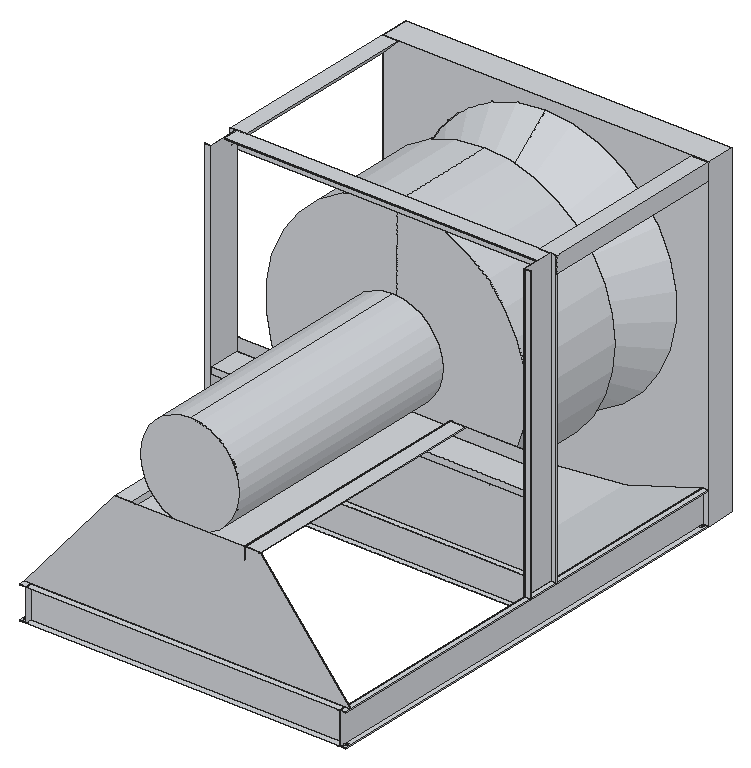
Revit family "PLCD", category Mechanical Equipment, Revit 2019
Family settings
  Round Connector Dimension = Use Diameter
  Part Type = Normal
  Work Plane-Based = No
  Always vertical = Yes
  Cut with Voids When Loaded = No
  Shared = No
  Room Calculation Point = No
Parameters (values of type "730_PLCD")
  Unit Weight [instance] = ""
  UNIT_SIZE = 730
  Sones [instance] = ""
  PERCENT_WIDE = 100
  PERCENT_A = UNIT_SIZE * 0.03615 * ((100 - PERCENT_WIDE) / 100)  # 0
  Motor RPM [instance] = ""
  Motor Enclosure [instance] = ""
  ModelID [instance] = ""
  MOTOR_RADIUS+2" = MOTOR_RADIUS + 0' 2"  # 1' - 4"
  MOTOR_RADIUS+1.5" = MOTOR_RADIUS + 0' 2"  # 1' - 4"
  MOTOR_RADIUS = 1' - 2"
  LwA [instance] = ""
  L-.125" = L - 0' 0 1/8"  # 0' - 8"
  L+K+.125" = L + FORMULA2_K + 0' 0 1/8"  # 5' - 1 13/16"
  L+K = L + FORMULA2_K  # 5' - 1 11/16"
  L = 0' - 8 1/8"
  K = 4' - 5 9/16"
  J-2" = -(J - 0' 2" - H - H)  # -5' - 11 5/8"
  J = 6' - 3 3/8"
  INLET_RAD = B / 10 * 4  # 3' - 0.8"
  INLET_DEPTH = (K / 2) * 0.8  # 1' - 9.425"
  H = 0' - 0 7/8"
  Fan RPM [instance] = ""
  FORMULA_K = 0' 1" * (PERCENT_A)  # 0' - 0"
  FORMULA_A = 0' 1" * (PERCENT_A)  # 0' - 0"
  FORMULA2_K = K - FORMULA_K  # 4' - 5 9/16"
  FORMULA2_A = A - FORMULA_A  # 11' - 3 7/8"
  F/2 = F / 2  # 0' - 0 17/32"
  F = 0' - 1 1/16"
  E/2 = E / 2  # 0' - 4 39/64"
  E = 0' - 9 7/32"
  D-MOTOR_RADIUS-2" = D - MOTOR_RADIUS - 0' 2"  # 3' - 0 1/4"
  D = 4' - 4 1/4"
  C/2 = C / 2  # 3' - 10"
  Accessories [instance] = ""
  A-K-L-.125"-H-H = FORMULA2_A - FORMULA2_K - L - 0' 0 1/8" - H - H  # 6' - 0 5/16"
  45 = 50.00°  # constant formula
  1.125" = 0' - 1 1/8"  # constant formula
  -(C - H - H - H - H) / 2 = -(C - H - H - H - H) / 2  # -3' - 8 1/4"
  (E/2)-.125" = (E / 2) - 0' 0 1/8"  # 0' - 4 31/64"
  (C-H-H-H-H)/2 = (C - H - H - H - H) / 2  # 3' - 8 1/4"
  C = 7' - 8"
  B/2 = B / 2  # 3' - 10"
  B-E = B - E  # 6' - 10 25/32"
  B = 7' - 8"
  A-L = FORMULA2_A - L  # 10' - 7 3/4"
  A = 11' - 3 7/8"
  3" = 0' - 3"  # constant formula
  Brake Hp [instance] = ""
  4" = 0' - 4"  # constant formula
  2H = H + H  # 0' - 1 3/4"
  2' = 2' - 0"
  2" = 0' - 2"  # constant formula
  1" = 0' - 1"  # constant formula
  0 = 0' - 0"  # constant formula
  Voltage [instance] = 0 V
  URL = "www.lorencook.com"
  Type Comments = "Centrifugal Plenum Fan Direct Drive Arr 4 Class 1-3"  # constant formula
  Static Pressure [instance] = 0.00 in-wg
  Power [instance] = Voltage * Motor FLA * sqrt(if(Phase = 3, 3, 1))  # 0 VA
  Phase [instance] = 0
  Number of Poles [instance] = 1
  Motor Hp [instance] = "0"
  Motor FLA [instance] = 0 A
  Model = "PLCD"  # constant formula
  Manufacturer = "Loren Cook Company"
  CFM [instance] = 0 CFM
  1.5 = 0' - 1 1/2"  # constant formula
  ONE EIGTH = 0' - 0 1/8"  # constant formula
Types (21): name | UNIT_SIZE | MOTOR_RADIUS+2" | MOTOR_RADIUS+1.5" | MOTOR_RADIUS | L-.125" | L+K+.125" | L+K | L | K | J-2" | J | INLET_RAD | INLET_DEPTH | H | FORMULA2_K | FORMULA2_A | F/2 | F | E/2 | E | D-MOTOR_RADIUS-2" | D | C/2 | A-K-L-.125"-H-H | -(C - H - H - H - H) / 2 | (E/2)-.125" | (C-H-H-H-H)/2 | C | B/2 | B-E | B | A-L | A | 2H
  (no name) | 730 | 1' - 4" | 1' - 4" | 1' - 2" | 0' - 8" | 5' - 1 13/16" | 5' - 1 11/16" | 0' - 8 1/8" | 4' - 5 9/16" | -5' - 11 5/8" | 6' - 3 3/8" | 3' - 0.8" | 1' - 9.425" | 0' - 0 7/8" | 4' - 5 9/16" | 11' - 3 7/8" | 0' - 0 17/32" | 0' - 1 1/16" | 0' - 4 39/64" | 0' - 9 7/32" | 3' - 0 1/4" | 4' - 4 1/4" | 3' - 10" | 6' - 0 5/16" | -3' - 8 1/4" | 0' - 4 31/64" | 3' - 8 1/4" | 7' - 8" | 3' - 10" | 6' - 10 25/32" | 7' - 8" | 10' - 7 3/4" | 11' - 3 7/8" | 0' - 1 3/4"
  120_PLCD | 120 | 0' - 5" | 0' - 5" | 0' - 3" | 0' - 1 11/16" | 0' - 11 3/8" | 0' - 11 1/4" | 0' - 1 13/16" | 0' - 9 7/16" | -1' - 0 13/16" | 1' - 4 1/4" | 0' - 6.9" | 0' - 3.775" | 0' - 0 23/32" | 0' - 9 7/16" | 2' - 2 5/16" | 0' - 0 5/16" | 0' - 0 5/8" | 0' - 1 15/32" | 0' - 2 15/16" | 0' - 3 5/8" | 0' - 8 5/8" | 0' - 8 5/8" | 1' - 1 1/2" | -0' - 7 3/16" | 0' - 1 11/32" | 0' - 7 3/16" | 1' - 5 1/4" | 0' - 8 5/8" | 1' - 2 5/16" | 1' - 5 1/4" | 2' - 0 1/2" | 2' - 2 5/16" | 0' - 1 7/16"
  135_PLCD | 135 | 0' - 4" | 0' - 4" | 0' - 2" | 0' - 1 15/16" | 1' - 0 11/16" | 1' - 0 9/16" | 0' - 2 1/16" | 0' - 10 1/2" | -1' - 0 5/16" | 1' - 3 3/4" | 0' - 7.8" | 0' - 4.2" | 0' - 0 23/32" | 0' - 10 1/2" | 2' - 3 5/32" | 0' - 0 5/16" | 0' - 0 5/8" | 0' - 1 19/32" | 0' - 3 3/16" | 0' - 5 3/4" | 0' - 9 3/4" | 0' - 9 3/4" | 1' - 1 1/32" | -0' - 8 5/16" | 0' - 1 15/32" | 0' - 8 5/16" | 1' - 7 1/2" | 0' - 9 3/4" | 1' - 4 5/16" | 1' - 7 1/2" | 2' - 1 3/32" | 2' - 3 5/32" | 0' - 1 7/16"
  150_PLCD | 150 | 0' - 5 1/2" | 0' - 5 1/2" | 0' - 3 1/2" | 0' - 1 15/16" | 1' - 1 5/8" | 1' - 1 1/2" | 0' - 2 1/16" | 0' - 11 7/16" | -1' - 2 1/16" | 1' - 5 1/2" | 0' - 8.6" | 0' - 4.575" | 0' - 0 23/32" | 0' - 11 7/16" | 2' - 5 27/32" | 0' - 0 5/16" | 0' - 0 5/8" | 0' - 1 19/32" | 0' - 3 3/16" | 0' - 5 1/4" | 0' - 10 3/4" | 0' - 10 3/4" | 1' - 2 25/32" | -0' - 9 5/16" | 0' - 1 15/32" | 0' - 9 5/16" | 1' - 9 1/2" | 0' - 10 3/4" | 1' - 6 5/16" | 1' - 9 1/2" | 2' - 3 25/32" | 2' - 5 27/32" | 0' - 1 7/16"
  165_PLCD | 165 | 0' - 6" | 0' - 6" | 0' - 4" | 0' - 1 15/16" | 1' - 2 13/16" | 1' - 2 11/16" | 0' - 2 1/16" | 1' - 0 5/8" | -1' - 3 7/16" | 1' - 6 7/8" | 0' - 9 1/2" | 0' - 5.05" | 0' - 0 23/32" | 1' - 0 5/8" | 2' - 8 7/16" | 0' - 0 5/16" | 0' - 0 5/8" | 0' - 1 19/32" | 0' - 3 3/16" | 0' - 5 7/8" | 0' - 11 7/8" | 0' - 11 7/8" | 1' - 4 3/16" | -0' - 10 7/16" | 0' - 1 15/32" | 0' - 10 7/16" | 1' - 11 3/4" | 0' - 11 7/8" | 1' - 8 9/16" | 1' - 11 3/4" | 2' - 6 3/8" | 2' - 8 7/16" | 0' - 1 7/16"
  180_PLCD | 180 | 0' - 6" | 0' - 6" | 0' - 4" | 0' - 2 15/16" | 1' - 4 15/16" | 1' - 4 13/16" | 0' - 3 1/16" | 1' - 1 3/4" | -1' - 3 7/16" | 1' - 6 7/8" | 0' - 10.3" | 0' - 5 1/2" | 0' - 0 23/32" | 1' - 1 3/4" | 2' - 10 17/32" | 0' - 0 5/16" | 0' - 0 5/8" | 0' - 2 3/32" | 0' - 4 3/16" | 0' - 6 7/8" | 1' - 0 7/8" | 1' - 0 7/8" | 1' - 4 5/32" | -0' - 11 7/16" | 0' - 1 31/32" | 0' - 11 7/16" | 2' - 1 3/4" | 1' - 0 7/8" | 1' - 9 9/16" | 2' - 1 3/4" | 2' - 7 15/32" | 2' - 10 17/32" | 0' - 1 7/16"
  195_PLCD | 195 | 0' - 6" | 0' - 6" | 0' - 4" | 0' - 2 15/16" | 1' - 6 1/16" | 1' - 5 15/16" | 0' - 3 1/16" | 1' - 2 7/8" | -1' - 3 7/16" | 1' - 6 7/8" | 0' - 11.2" | 0' - 5.95" | 0' - 0 23/32" | 1' - 2 7/8" | 2' - 11 21/32" | 0' - 0 5/16" | 0' - 0 5/8" | 0' - 2 3/32" | 0' - 4 3/16" | 0' - 8" | 1' - 2" | 1' - 2" | 1' - 4 5/32" | -1' - 0 9/16" | 0' - 1 31/32" | 1' - 0 9/16" | 2' - 4" | 1' - 2" | 1' - 11 13/16" | 2' - 4" | 2' - 8 19/32" | 2' - 11 21/32" | 0' - 1 7/16"
  210_PLCD | 210 | 0' - 7 51/256" | 0' - 7 51/256" | 0' - 5 51/256" | 0' - 2 15/16" | 1' - 7 1/8" | 1' - 7" | 0' - 3 1/16" | 1' - 3 15/16" | -1' - 7 1/16" | 1' - 10 1/2" | 1' - 0" | 0' - 6 3/8" | 0' - 0 23/32" | 1' - 3 15/16" | 3' - 4 3/8" | 0' - 0 5/16" | 0' - 0 5/8" | 0' - 2 3/32" | 0' - 4 3/16" | 0' - 7 205/256" | 1' - 3" | 1' - 3" | 1' - 7 13/16" | -1' - 1 9/16" | 0' - 1 31/32" | 1' - 1 9/16" | 2' - 6" | 1' - 3" | 2' - 1 13/16" | 2' - 6" | 3' - 1 5/16" | 3' - 4 3/8" | 0' - 1 7/16"
  225_PLCD | 225 | 0' - 7 51/256" | 0' - 7 51/256" | 0' - 5 51/256" | 0' - 2 15/16" | 1' - 8 1/8" | 1' - 8" | 0' - 3 1/16" | 1' - 4 15/16" | -1' - 7 1/16" | 1' - 10 1/2" | 1' - 0.9" | 0' - 6.775" | 0' - 0 23/32" | 1' - 4 15/16" | 3' - 5 3/8" | 0' - 0 5/16" | 0' - 0 5/8" | 0' - 2 3/32" | 0' - 4 3/16" | 0' - 8 237/256" | 1' - 4 1/8" | 1' - 4 1/8" | 1' - 7 13/16" | -1' - 2 11/16" | 0' - 1 31/32" | 1' - 2 11/16" | 2' - 8 1/4" | 1' - 4 1/8" | 2' - 4 1/16" | 2' - 8 1/4" | 3' - 2 5/16" | 3' - 5 3/8" | 0' - 1 7/16"
  245_PLCD | 245 | 0' - 8 77/256" | 0' - 8 77/256" | 0' - 6 77/256" | 0' - 2 15/16" | 1' - 9 9/16" | 1' - 9 7/16" | 0' - 3 1/16" | 1' - 6 3/8" | -2' - 0 5/16" | 2' - 3 3/4" | 1' - 2" | 0' - 7.35" | 0' - 0 23/32" | 1' - 6 3/8" | 4' - 0 1/8" | 0' - 0 5/16" | 0' - 0 5/8" | 0' - 2 3/32" | 0' - 4 3/16" | 0' - 9 51/256" | 1' - 5 1/2" | 1' - 5 1/2" | 2' - 1 1/8" | -1' - 4 1/16" | 0' - 1 31/32" | 1' - 4 1/16" | 2' - 11" | 1' - 5 1/2" | 2' - 6 13/16" | 2' - 11" | 3' - 9 1/16" | 4' - 0 1/8" | 0' - 1 7/16"
  270_PLCD | 270 | 0' - 8 77/256" | 0' - 8 77/256" | 0' - 6 77/256" | 0' - 3 7/16" | 2' - 0" | 1' - 11 7/8" | 0' - 3 9/16" | 1' - 8 5/16" | -2' - 3 3/16" | 2' - 6 5/8" | 1' - 3 1/2" | 0' - 8 1/8" | 0' - 0 23/32" | 1' - 8 5/16" | 4' - 5 5/16" | 0' - 0 5/16" | 0' - 0 5/8" | 0' - 2 11/32" | 0' - 4 11/16" | 0' - 11 19/256" | 1' - 7 3/8" | 1' - 7 3/8" | 2' - 3 7/8" | -1' - 5 15/16" | 0' - 2 7/32" | 1' - 5 15/16" | 3' - 2 3/4" | 1' - 7 3/8" | 2' - 10 1/16" | 3' - 2 3/4" | 4' - 1 3/4" | 4' - 5 5/16" | 0' - 1 7/16"
  300_PLCD | 300 | 0' - 9 205/256" | 0' - 9 205/256" | 0' - 7 205/256" | 0' - 3 7/16" | 2' - 2 1/16" | 2' - 1 15/16" | 0' - 3 9/16" | 1' - 10 3/8" | -2' - 6 3/16" | 2' - 9 5/8" | 1' - 5.2" | 0' - 8.95" | 0' - 0 23/32" | 1' - 10 3/8" | 4' - 10 13/32" | 0' - 0 5/16" | 0' - 0 5/8" | 0' - 2 11/32" | 0' - 4 11/16" | 0' - 11 179/256" | 1' - 9 1/2" | 1' - 9 1/2" | 2' - 6 29/32" | -1' - 8 1/16" | 0' - 2 7/32" | 1' - 8 1/16" | 3' - 7" | 1' - 9 1/2" | 3' - 2 5/16" | 3' - 7" | 4' - 6 27/32" | 4' - 10 13/32" | 0' - 1 7/16"
  330_PLCD | 330 | 0' - 9 205/256" | 0' - 9 205/256" | 0' - 7 205/256" | 0' - 4 7/16" | 2' - 5 5/16" | 2' - 5 3/16" | 0' - 4 9/16" | 2' - 0 5/8" | -2' - 6 5/16" | 2' - 9 7/8" | 1' - 7.8" | 0' - 9.85" | 0' - 0 25/32" | 2' - 0 5/8" | 5' - 1 27/32" | 0' - 0 15/32" | 0' - 0 15/16" | 0' - 2 27/32" | 0' - 5 11/16" | 1' - 1 211/256" | 1' - 11 5/8" | 1' - 11" | 2' - 6 31/32" | -1' - 9 7/16" | 0' - 2 23/32" | 1' - 9 7/16" | 3' - 10" | 2' - 0 3/4" | 3' - 7 13/16" | 4' - 1 1/2" | 4' - 9 9/32" | 5' - 1 27/32" | 0' - 1 9/16"
  365_PLCD | 365 | 1' - 0 179/256" | 1' - 0 179/256" | 0' - 10 179/256" | 0' - 4 7/16" | 2' - 7 11/16" | 2' - 7 9/16" | 0' - 4 9/16" | 2' - 3" | -3' - 2 7/16" | 3' - 6 1/8" | 1' - 9.4" | 0' - 10.8" | 0' - 0 27/32" | 2' - 3" | 6' - 0 19/32" | 0' - 0 15/32" | 0' - 0 15/16" | 0' - 2 27/32" | 0' - 5 11/16" | 1' - 1 109/256" | 2' - 2 1/8" | 2' - 0 1/2" | 3' - 3 7/32" | -1' - 10 13/16" | 0' - 2 23/32" | 1' - 10 13/16" | 4' - 1" | 2' - 2 3/4" | 3' - 11 13/16" | 4' - 5 1/2" | 5' - 8 1/32" | 6' - 0 19/32" | 0' - 1 11/16"
  402_PLCD | 402 | 1' - 0 179/256" | 1' - 0 179/256" | 0' - 10 179/256" | 0' - 5" | 2' - 11 1/8" | 2' - 11" | 0' - 5 1/8" | 2' - 5 7/8" | -3' - 2 7/16" | 3' - 6 1/8" | 2' - 0" | 0' - 11.95" | 0' - 0 27/32" | 2' - 5 7/8" | 6' - 4" | 0' - 0 15/32" | 0' - 0 15/16" | 0' - 3 3/32" | 0' - 6 3/16" | 1' - 4 13/256" | 2' - 4 3/4" | 2' - 3" | 3' - 3 3/16" | -2' - 1 5/16" | 0' - 2 31/32" | 2' - 1 5/16" | 4' - 6" | 2' - 6" | 4' - 5 13/16" | 5' - 0" | 5' - 10 7/8" | 6' - 4" | 0' - 1 11/16"
  445_PLCD | 445 | 1' - 0 179/256" | 1' - 0 179/256" | 0' - 10 179/256" | 0' - 6" | 3' - 3 1/8" | 3' - 3" | 0' - 6 1/8" | 2' - 8 7/8" | -3' - 2 7/16" | 3' - 6 1/8" | 2' - 1.6" | 1' - 1.15" | 0' - 0 27/32" | 2' - 8 7/8" | 6' - 7 31/32" | 0' - 0 15/32" | 0' - 0 15/16" | 0' - 3 19/32" | 0' - 7 3/16" | 1' - 7 45/256" | 2' - 7 7/8" | 2' - 5 1/4" | 3' - 3 5/32" | -2' - 3 9/16" | 0' - 3 15/32" | 2' - 3 9/16" | 4' - 10 1/2" | 2' - 8" | 4' - 8 13/16" | 5' - 4" | 6' - 1 27/32" | 6' - 7 31/32" | 0' - 1 11/16"
  490_PLCD | 490 | 1' - 2" | 1' - 2" | 1' - 0" | 0' - 6 7/16" | 3' - 6 13/16" | 3' - 6 11/16" | 0' - 6 9/16" | 3' - 0 1/8" | -3' - 8 1/8" | 4' - 0 1/8" | 2' - 4" | 1' - 2.45" | 0' - 1" | 3' - 0 1/8" | 7' - 5 11/16" | 0' - 0 15/32" | 0' - 0 15/16" | 0' - 3 27/32" | 0' - 7 11/16" | 1' - 9" | 2' - 11" | 2' - 7 1/2" | 3' - 8 7/8" | -2' - 5 1/2" | 0' - 3 23/32" | 2' - 5 1/2" | 5' - 3" | 2' - 11" | 5' - 2 5/16" | 5' - 10" | 6' - 11 1/8" | 7' - 5 11/16" | 0' - 2"
  540_PLCD | 540 | 1' - 2" | 1' - 2" | 1' - 0" | 0' - 6 1/2" | 3' - 10 1/2" | 3' - 10 3/8" | 0' - 6 5/8" | 3' - 3 3/4" | -3' - 8 1/8" | 4' - 0 1/8" | 2' - 6" | 1' - 3.9" | 0' - 1" | 3' - 3 3/4" | 7' - 9 3/8" | 0' - 0 17/32" | 0' - 1 1/16" | 0' - 3 55/64" | 0' - 7 23/32" | 2' - 0 5/8" | 3' - 2 5/8" | 2' - 10 1/2" | 3' - 8 7/8" | -2' - 8 1/2" | 0' - 3 47/64" | 2' - 8 1/2" | 5' - 9" | 3' - 1 1/2" | 5' - 7 9/32" | 6' - 3" | 7' - 2 3/4" | 7' - 9 3/8" | 0' - 2"
  600_PLCD | 600 | 1' - 2" | 1' - 2" | 1' - 0" | 0' - 7" | 4' - 3 3/8" | 4' - 3 1/4" | 0' - 7 1/8" | 3' - 8 1/8" | -3' - 8 1/8" | 4' - 0 1/8" | 2' - 8.8" | 1' - 5.65" | 0' - 1" | 3' - 8 1/8" | 8' - 2 1/4" | 0' - 0 17/32" | 0' - 1 1/16" | 0' - 4 7/64" | 0' - 8 7/32" | 2' - 4 7/8" | 3' - 6 7/8" | 3' - 1 1/2" | 3' - 8 7/8" | -2' - 11 1/2" | 0' - 3 63/64" | 2' - 11 1/2" | 6' - 3" | 3' - 5" | 6' - 1 25/32" | 6' - 10" | 7' - 7 1/8" | 8' - 2 1/4" | 0' - 2"
  660_PLCD | 660 | 1' - 2" | 1' - 2" | 1' - 0" | 0' - 8" | 4' - 8 13/16" | 4' - 8 11/16" | 0' - 8 1/8" | 4' - 0 9/16" | -3' - 9 1/8" | 4' - 0 7/8" | 3' - 0" | 1' - 7.425" | 0' - 0 7/8" | 4' - 0 9/16" | 8' - 8 3/8" | 0' - 0 17/32" | 0' - 1 1/16" | 0' - 4 39/64" | 0' - 9 7/32" | 2' - 9 1/4" | 3' - 11 1/4" | 3' - 5" | 3' - 9 13/16" | -3' - 3 1/4" | 0' - 4 31/64" | 3' - 3 1/4" | 6' - 10" | 3' - 9" | 6' - 8 25/32" | 7' - 6" | 8' - 0 1/4" | 8' - 8 3/8" | 0' - 1 3/4"
  730_PLCD | 730 | 1' - 4" | 1' - 4" | 1' - 2" | 0' - 8" | 5' - 1 13/16" | 5' - 1 11/16" | 0' - 8 1/8" | 4' - 5 9/16" | -5' - 11 5/8" | 6' - 3 3/8" | 3' - 0.8" | 1' - 9.425" | 0' - 0 7/8" | 4' - 5 9/16" | 11' - 3 7/8" | 0' - 0 17/32" | 0' - 1 1/16" | 0' - 4 39/64" | 0' - 9 7/32" | 3' - 0 1/4" | 4' - 4 1/4" | 3' - 10" | 6' - 0 5/16" | -3' - 8 1/4" | 0' - 4 31/64" | 3' - 8 1/4" | 7' - 8" | 3' - 10" | 6' - 10 25/32" | 7' - 8" | 10' - 7 3/4" | 11' - 3 7/8" | 0' - 1 3/4"
Reference planes (in)
  plane 1 "Center (Front/Back)": y = 0
  plane 2: z = 0
  plane 3 "Center (Left/Right)": x = 0.40541
Forms (in)
  Extrusion 1, solid
    sketch origin (0, 0, 0) x (1, 0, 0) y (0, 0, 1)
      loop
        line (-45.59459, 92) -> (-45.59459, 0) -> (46.40541, 0) -> (46.40541, 92) -> (-45.59459, 92)
      loop
        circle (0.40541, 52.25) r 36.8
    from 0 to 8.125 <- "L"
  Extrusion 2, void
    sketch origin (0, 0, 0) x (1, 0, 0) y (0, 0, 1)
      loop
        line (-45.46959, 91.875) -> (-45.46959, 0.125) -> (46.28041, 0.125) -> (46.28041, 91.875) -> (-45.46959, 91.875)
    from 0 to 8 <- "L-.125""
  Extrusion 3, solid
    sketch origin (0, -8.125, 0) x (1, 0, 0) y (0, 0, 1)
      loop
        line (-45.59459, 9.21875) -> (-45.59459, 9.09375) -> (-43.96959, 9.09375) -> (-43.96959, 0.125) -> (-45.59459, 0.125) -> (-45.59459, 0) -> (-43.84459, 0) -> (-43.84459, 9.21875) -> (-45.59459, 9.21875)
      loop
        line (46.40541, 9.21875) -> (44.65541, 9.21875) -> (44.65541, 0) -> (46.40541, 0) -> (46.40541, 0.125) -> (44.78041, 0.125) -> (44.78041, 9.09375) -> (46.40541, 9.09375) -> (46.40541, 9.21875)
    from 0 to 127.75 <- "A-L"
  Extrusion 4, solid
    sketch origin (0, -8.125, 0) x (1, 0, 0) y (0, 0, 1)
      loop
        line (-45.59459, 87.39062) -> (-40.98521, 92) -> (-45.59459, 92) -> (-45.59459, 87.39062)
      loop
        line (41.79604, 92) -> (46.40541, 87.39062) -> (46.40541, 92) -> (41.79604, 92)
    from 0 to 53.5625 <- "FORMULA2_K"
  Extrusion 5, solid
    sketch origin (0, 0, 0) x (1, 0, 0) y (0, 1, 0)
      loop
        line (46.40541, -61.6875) -> (44.65541, -61.6875) -> (44.65541, -70.90625) -> (46.40541, -70.90625) -> (46.40541, -61.6875)
      loop
        line (-45.59459, -61.6875) -> (-45.59459, -70.90625) -> (-43.84459, -70.90625) -> (-43.84459, -61.6875) -> (-45.59459, -61.6875)
    from 9.21875 <- "E" to 92 <- "B"
  Extrusion 6, void
    sketch origin (0, 0, 0) x (1, 0, 0) y (0, 1, 0)
      loop
        line (44.78041, -61.8125) -> (44.78041, -70.78125) -> (46.40541, -70.78125) -> (46.40541, -61.8125) -> (44.78041, -61.8125)
      loop
        line (-43.96959, -61.8125) -> (-45.59459, -61.8125) -> (-45.59459, -70.78125) -> (-43.96959, -70.78125) -> (-43.96959, -61.8125)
    from 9.21875 <- "E" to 92 <- "B"
  Extrusion 7, solid
    sketch origin (0.40541, 0, 0) x (0, 1, 0) y (0, 0, 1)
      loop
        line (-61.6875, 87.39062) -> (-61.6875, 92) -> (-66.29688, 92) -> (-66.29688, 91.875) -> (-61.8125, 91.875) -> (-61.8125, 87.39062) -> (-61.6875, 87.39062)
    from -44.25 <- "-(C - H - H - H - H) / 2" to 44.25 <- "(C-H-H-H-H)/2"
  Extrusion 8, solid
    sketch origin (0.40541, 0, 0) x (0, 1, 0) y (0, 0, 1)
      loop
        line (-63.4375, 0) -> (-61.6875, 0) -> (-61.6875, 36.25) -> (-70.90625, 36.25) -> (-70.90625, 34.5) -> (-70.78125, 34.5) -> (-70.78125, 36.125) -> (-61.8125, 36.125) -> (-61.8125, 9.21875) -> (-63.4375, 9.21875) -> (-63.4375, 9.09375) -> (-61.8125, 9.09375) -> (-61.8125, 0.125) -> (-63.4375, 0.125) -> (-63.4375, 0)
    from -44.25 <- "-(C - H - H - H - H) / 2" to 44.25 <- "(C-H-H-H-H)/2"
  Extrusion 9, solid
    sketch origin (0.40541, 0, 0) x (0, 1, 0) y (0, 0, 1)
      loop
        line (-135.875, 9.21875) -> (-135.875, 9.09375) -> (-134.25, 9.09375) -> (-134.25, 0.125) -> (-135.875, 0.125) -> (-135.875, 0) -> (-134.125, 0) -> (-134.125, 9.21875) -> (-135.875, 9.21875)
    from -44.25 <- "-(C - H - H - H - H) / 2" to 44.25 <- "(C-H-H-H-H)/2"
  Extrusion 10, solid
    sketch origin (0.40541, -61.6875, 0) x (0, 0, 1) y (1, 0, 0)
      loop
        circle (52.25, 0) r 14
    from -0.25 to -71.625 <- "J-2""
  Extrusion 11, solid
    sketch origin (0, 0, 0) x (1, 0, 0) y (0, 0, 1)
      loop
        line (-43.84459, 36.25) -> (44.65541, 36.25) -> (44.65541, 39.75) -> (16.40541, 39.75) -> (16.40541, 36.75) -> (-15.59459, 36.75) -> (-15.59459, 39.75) -> (-43.84459, 39.75) -> (-43.84459, 36.25)
    from 61.8125 <- "L+K+.125"" to 61.6875 <- "L+K"
  Extrusion 12, solid
    sketch origin (-45.59459, -61.6875, 0) x (1, 0, 0) y (0, 0, -1)
      loop
        line (30.125, -38.25) -> (61.875, -38.25) -> (61.875, -36.875) -> (30.125, -36.875) -> (30.125, -38.25)
    from -71.625 <- "J-2"" to -0.125
  Extrusion 13, solid
    sketch origin (0, -61.8125, 0) x (1, 0, 0) y (0, 0, 1)
      loop
        line (-20.20396, 39.75) -> (-20.20396, 39.625) -> (-15.71959, 39.625) -> (-15.71959, 36.25) -> (-15.59459, 36.25) -> (-15.59459, 39.75) -> (-20.20396, 39.75)
      loop
        line (21.01479, 39.75) -> (16.40541, 39.75) -> (16.40541, 36.25) -> (16.53041, 36.25) -> (16.53041, 39.625) -> (21.01479, 39.625) -> (21.01479, 39.75)
    from 72.3125 <- "A-K-L-.125"-H-H" to 0
  Extrusion 14, solid
    sketch origin (0, -134.125, 0) x (1, 0, 0) y (0, 0, 1)
      loop
        line (46.40541, 9.21875) -> (21.01479, 39.75) -> (-20.20396, 39.75) -> (-45.59459, 9.21875) -> (46.40541, 9.21875)
    from 0 to 0.125
  Revolve 15, solid
    sketch origin (0.40541, 0, 0) x (0, 1, 0) y (0, 0, 1)
      loop
        line (-8.125, 15.45) -> (-28.55, 32.58861) -> (-29.55, 32.58861) -> (-29.55, 32.46361) -> (-28.8, 32.46361) -> (-8.125, 15.325) -> (-8.125, 15.45)
      axis (-29.55, 52.25) -> (-8.125, 52.25)
    angle from 0 to 360
  Revolve 16, solid
    sketch origin (0.40541, 0, 0) x (0, 1, 0) y (0, 0, 1)
      loop
        line (-28.8, 32.71361) -> (-28.8, 52.25) -> (-60.6875, 52.25) -> (-60.6875, 15.45) -> (-29.675, 15.45) -> (-29.675, 32.71361) -> (-28.8, 32.71361)
      axis (-60.6875, 52.25) -> (-28.8, 52.25)
    angle from 0 to 360
  Extrusion 17, void
    sketch origin (0, 0, 0) x (1, 0, 0) y (0, 1, 0)
      loop
        circle (45.53041, -9.21875) r 0.53125
      loop
        circle (-44.71959, -9.21875) r 0.53125
      loop
        circle (-44.71959, -134.75) r 0.53125
      loop
        circle (45.53041, -134.75) r 0.53125
    from 0 to 0.125
  Extrusion 18, solid
    sketch origin (0, -8.125, 0) x (1, 0, 0) y (0, 0, 1)
      loop
        line (-43.84459, 9.21875) -> (-43.84459, 9.09375)
        arc (-43.84459, 9.09375) -> (0.40541, 0) -> (44.65541, 9.09375) r 112.20667
        line (44.65541, 9.09375) -> (44.65541, 9.21875)
        arc (44.65541, 9.21875) -> (0.40541, 0.125) -> (-43.84459, 9.21875) r 112.20667
    from 0 to 53.5625 <- "FORMULA2_K"
Cuts and joins
  Extrusion 2 cuts Extrusion 1
  Extrusion 6, Extrusion 17 cuts Extrusion 3
  Extrusion 6 cuts Extrusion 5
  Extrusion 17 cuts Extrusion 8
Dimensions and locks (in)
  "C/2": plane 3 "Center (Left/Right)" to Extrusion 1 sketch curve
  "C": Extrusion 1 sketch curve to Extrusion 1 sketch curve
  "B": Extrusion 1 sketch curve to level
  "0": Extrusion 1 sketch curve to level
  "0": Extrusion 1 sketch curve to plane 3 "Center (Left/Right)"
  "D": Extrusion 1 sketch curve to level
  "ONE EIGTH": Extrusion 1 to Extrusion 2 sketch curve  (x3)
  "ONE EIGTH": Extrusion 2 sketch curve to level
  "0": Extrusion 3 sketch curve to level  (x2)
  "E": Extrusion 3 sketch curve to level  (x2)
  "ONE EIGTH": Extrusion 3 sketch curve to Extrusion 3 sketch curve  (x6)
  "0": cut or joined group of Extrusion 1, Extrusion 2 to Extrusion 3 sketch curve  (x4)
  "2H": cut or joined group of Extrusion 1, Extrusion 2 to Extrusion 3 sketch curve  (x2)
  "0": cut or joined group of Extrusion 1, Extrusion 2 to Extrusion 4 sketch curve  (x4)
  "E/2": cut or joined group of Extrusion 1, Extrusion 2 to Extrusion 4 sketch curve  (x4)
  "0": Extrusion 3 to Extrusion 5 sketch curve  (x2)
  "0": Extrusion 5 sketch curve to Extrusion 3
  "0": Extrusion 4 to Extrusion 5 sketch curve
  "E": Extrusion 5 sketch curve to Extrusion 5 sketch curve  (x2)
  "0": Extrusion 5 sketch curve to Extrusion 4  (x2)
  "0": Extrusion 6 sketch curve to Extrusion 3  (x2)
  "0": Extrusion 3 to Extrusion 6 sketch curve  (x2)
  "ONE EIGTH": Extrusion 5 to Extrusion 6 sketch curve  (x2)
  "ONE EIGTH": Extrusion 6 sketch curve to Extrusion 5  (x2)
  "0": Extrusion 7 sketch curve to Extrusion 4  (x2)
  "ONE EIGTH": Extrusion 7 sketch curve to Extrusion 7 sketch curve  (x2)
  "0": cut or joined group of Extrusion 5, Extrusion 6 to Extrusion 7 sketch curve
  "E/2": Extrusion 7 sketch curve to Extrusion 7 sketch curve
  "0": cut or joined group of Extrusion 3, Extrusion 6, Extrusion 17 to Extrusion 8 sketch curve  (x3)
  "0": Extrusion 8 sketch curve to cut or joined group of Extrusion 3, Extrusion 6, Extrusion 17
  "ONE EIGTH": Extrusion 8 sketch curve to Extrusion 8 sketch curve  (x2)
  "2H": Extrusion 8 sketch curve to Extrusion 8 sketch curve  (x3)
  "0": cut or joined group of Extrusion 5, Extrusion 6 to Extrusion 8 sketch curve  (x2)
  "0": Extrusion 8 sketch curve to cut or joined group of Extrusion 5, Extrusion 6  (x2)
  "0": Extrusion 9 sketch curve to cut or joined group of Extrusion 3, Extrusion 6, Extrusion 17  (x4)
  "ONE EIGTH": Extrusion 9 sketch curve to Extrusion 9 sketch curve
  "2H": Extrusion 9 sketch curve to Extrusion 9 sketch curve
  "0": cut or joined group of Extrusion 3, Extrusion 6, Extrusion 17 to Extrusion 9 sketch curve
  "0": level to Extrusion 9 sketch curve
  "0": Extrusion 10 sketch curve to plane 3 "Center (Left/Right)"
  "D": Extrusion 10 sketch curve to level
  "D-MOTOR_RADIUS-2"": cut or joined group of Extrusion 3, Extrusion 6, Extrusion 17 to Extrusion 8 sketch curve
  "0": cut or joined group of Extrusion 5, Extrusion 6 to Extrusion 11 sketch curve  (x2)
  "0": Extrusion 11 sketch curve to Extrusion 8
  "MOTOR_RADIUS+2"": plane 3 "Center (Left/Right)" to Extrusion 11 sketch curve
  "MOTOR_RADIUS+2"": Extrusion 11 sketch curve to plane 3 "Center (Left/Right)"
  "1.5": Extrusion 10 to Extrusion 11 sketch curve
  "3"": Extrusion 11 sketch curve to Extrusion 11 sketch curve  (x2)
  "0": Extrusion 10 to Extrusion 12 sketch curve
  "ONE EIGTH": Extrusion 12 sketch curve to Extrusion 11  (x3)
  "0": Extrusion 13 sketch curve to Extrusion 11  (x3)
  "ONE EIGTH": Extrusion 13 sketch curve to Extrusion 13 sketch curve  (x2)
  "0": Extrusion 11 to Extrusion 13 sketch curve
  "E/2": Extrusion 13 sketch curve to Extrusion 13 sketch curve  (x2)
  "0": Extrusion 8 to Extrusion 13 sketch curve  (x2)
  "0": Extrusion 9 to Extrusion 14 sketch curve
  "0": Extrusion 14 sketch curve to cut or joined group of Extrusion 1, Extrusion 2  (x2)
  "0": Extrusion 14 sketch curve to Extrusion 13  (x2)
  "D": Revolve 15 sketch curve to level
  "INLET_RAD": Revolve 15 sketch curve to Revolve 15 sketch curve
  "0": Revolve 15 sketch curve to cut or joined group of Extrusion 1, Extrusion 2
  "INLET_DEPTH": cut or joined group of Extrusion 1, Extrusion 2 to Revolve 15 sketch curve
  "1"": Revolve 15 sketch curve to Revolve 15 sketch curve
  "ONE EIGTH": Revolve 15 sketch curve to Revolve 15 sketch curve  (x2)
  "0": Revolve 16 sketch curve to Revolve 15
  "ONE EIGTH": Revolve 15 to Revolve 16 sketch curve  (x2)
  "INLET_RAD": Revolve 16 sketch curve to Revolve 16 sketch curve
  "1"": Revolve 16 sketch curve to cut or joined group of Extrusion 5, Extrusion 6
  "D": Revolve 16 sketch curve to level
  "0": Revolve 16 sketch curve to Revolve 16 sketch curve
  "E": Extrusion 17 sketch curve to plane 1 "Center (Front/Back)"  (x2)
  "1.125"": Extrusion 9 to Extrusion 17 sketch curve  (x2)
  "H": Extrusion 17 sketch curve to Extrusion 4
  "H": Extrusion 4 to Extrusion 17 sketch curve
  "H": cut or joined group of Extrusion 3, Extrusion 6, Extrusion 17 to Extrusion 17 sketch curve
  "H": Extrusion 17 sketch curve to cut or joined group of Extrusion 3, Extrusion 6, Extrusion 17
  "0": Extrusion 18 sketch curve to cut or joined group of Extrusion 3, Extrusion 6, Extrusion 17  (x6)
  "0": Extrusion 18 sketch curve to Extrusion 9  (x3)
  "0": Extrusion 9 to Extrusion 18 sketch curve
  "0": Extrusion 11 to Extrusion 14 sketch curve
  "(E/2)-.125"": Extrusion 13 sketch curve to Extrusion 13 sketch curve  (x2)
  "INLET_RAD": radius of Extrusion 1 sketch curve
  "MOTOR_RADIUS": radius of Extrusion 10 sketch curve
  "F/2": radius of Extrusion 17 sketch curve  (x4)
  "45": angle Revolve 15 sketch curve to cut or joined group of Extrusion 1, Extrusion 2
Automatic sketch dimensions
  Revolve 15 sketch curve to plane 1 "Center (Front/Back)" = 0' - 0"
  Revolve 15 sketch curve to Revolve 15 sketch curve = 0' - 0 1/4"
  Revolve 15 sketch curve to plane 1 "Center (Front/Back)" = 0' - 2 3/4"
  Revolve 16 sketch curve to Revolve 16 sketch curve = 0' - 0"
  Revolve 16 sketch curve to plane 1 "Center (Front/Back)" = 0' - 1.38314"
Connectors (in)
  hvac at (0.40541, 0, 46), driven by "B", driven by "C"
    settings: on cut or joined group of Extrusion 1, Extrusion 2, index 1, duct flow 0 CFM, flow factor 0, pres drop 0.00 in-wg, loss coef 0, conn angle 0.00°, conn width 92", conn height 92", conn diameter 24", duct sys type 29, conn prof type 1, flow config 0, flow direction 1, loss method 0, conn ref index -1, conn util no, is conn primary yes, conn desc ""
  electrical at (0.40541, -133.3125, 52.25)
    settings: on Extrusion 10, index 2, voltage 0 V, apparent load 0 VA, apparent load phase1 0 VA, apparent load phase2 0 VA, apparent load phase3 0 VA, power factor 1, load classification "Other", number of poles 1, system type 30, power factor state 1, is connector primary yes, connector utility no, sub classification motor no, connector description ""
